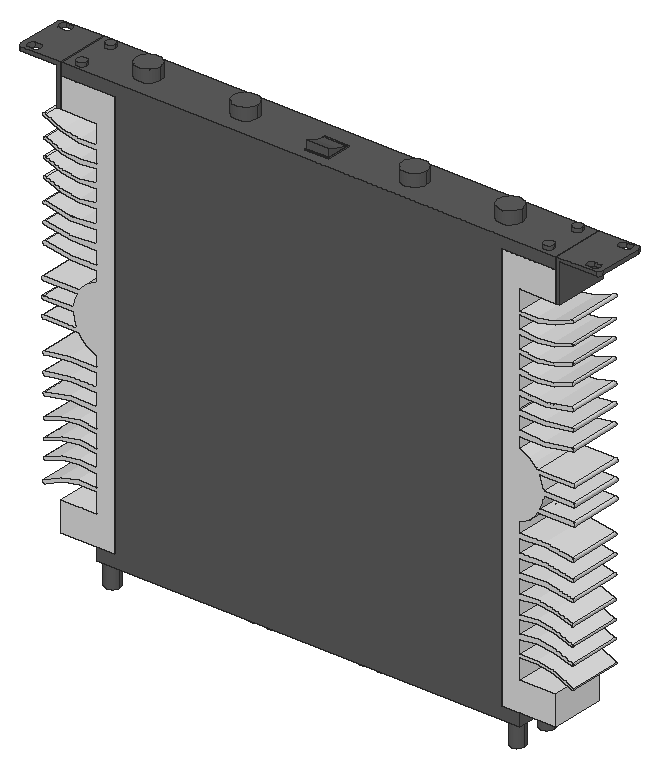
Revit family "Electronics_Commercial-Audio_Biamp_Amplifier_CHAMP-4", category Communication Devices, host Face, Revit 2020
Family settings
  Host = Face
  Maintain Annotation Orientation = No
  Round Connector Dimension = Use Diameter
  Part Type = Normal
  OmniClass Number = 23.85.10.11.14.14.17
  OmniClass Title = Sound Amplifiers
  Cut with Voids When Loaded = No
  Shared = No
  Room Calculation Point = No
Parameters (values of type "CHAMP-4")
  Width = 483 mm  # constant formula
  Weight = 9.00 kgf  # constant formula
  Voltage = 240 V
  Version = 1
  URL = "https://www.biamp.com/"
  Temperature Range = "90°C/ch + transformer 105°C"  # constant formula
  Product data url = "https://bimobject.com/biamp/product/champ-4_commercial-audio-power-amplifier"
  Product Page URL = "https://www.biamp.com/products/product-families/commercial-audio/power-amplifiers#champ-4"
  Product Documentation Link = "https://downloads.biamp.com/assets/docs/default-source/data-sheets/biamp_data_sheet_champ-4_aug20.pdf"
  Power Factor = 1
  Number of Poles = 1
  Model = "CHAMP-4"  # constant formula
  Max Power Consumption = 400 W
  Manufacturer = "Biamp"  # constant formula
  Housing Material = Biamp - Metal - Black
  Height = 44 mm  # constant formula
  Description = "CHAMP-4 Convection Cooled 4-Channel Power Amplifier"  # constant formula
  Depth = 360 mm  # constant formula
  Default Elevation = 1219.2 mm
  Date Updated = ""
  Date Created = "2023/08/21"
  Connector Description = "Power supply"  # constant formula
  Apparent Load = Max Power Consumption / Power Factor  # 400 VA
Reference planes
  plane 1 "Center (Front/Back)": y = 0
  plane 2: z = 0
  plane 3 "Center (Left/Right)": x = 0
  plane 4: y = 6.312
  plane 5: x = -232.1
Dimensions and locks
  locked: plane 4 to plane 1 "Center (Front/Back)" at 6.312
  locked: plane 5 to plane 3 "Center (Left/Right)" at 232.1
  aligned and locked: plane 2 to host face
  aligned and locked: level to host face
  aligned and locked: plane 5 to nested 1
Nested families
  nested 1: "champ-4" at (-0.004, 0, -176.952) x (1, 0, 0) z (0, 1, 0), type "champ-4"
    with Housing Material Biamp - Metal - Black
Connectors
  electrical at (-124.574, 12.826, -362.557)
    settings: on nested 1, index 18, voltage 0 V, apparent load 0 VA, apparent load phase1 0 VA, apparent load phase2 0 VA, apparent load phase3 0 VA, power factor 1, load classification "Other", number of poles 1, system type 5, power factor state 1, is connector primary yes, connector utility no, sub classification motor no, connector description "Channel 2 unbalanced input"
  electrical at (-139.574, 12.826, -362.557)
    settings: on nested 1, index 19, voltage 0 V, apparent load 0 VA, apparent load phase1 0 VA, apparent load phase2 0 VA, apparent load phase3 0 VA, power factor 1, load classification "Other", number of poles 1, system type 5, power factor state 1, is connector primary no, connector utility no, sub classification motor no, connector description "Channel 1 unbalanced input"
  electrical at (-139.574, 27.826, -362.557)
    settings: on nested 1, index 20, voltage 0 V, apparent load 0 VA, apparent load phase1 0 VA, apparent load phase2 0 VA, apparent load phase3 0 VA, power factor 1, load classification "Other", number of poles 1, system type 5, power factor state 1, is connector primary no, connector utility no, sub classification motor no, connector description "Channel 1 unbalanced input"
  electrical at (-124.574, 27.826, -362.557)
    settings: on nested 1, index 21, voltage 0 V, apparent load 0 VA, apparent load phase1 0 VA, apparent load phase2 0 VA, apparent load phase3 0 VA, power factor 1, load classification "Other", number of poles 1, system type 5, power factor state 1, is connector primary no, connector utility no, sub classification motor no, connector description "Channel 2 unbalanced input"
  electrical at (-53.324, 12.826, -362.557)
    settings: on nested 1, index 22, voltage 0 V, apparent load 0 VA, apparent load phase1 0 VA, apparent load phase2 0 VA, apparent load phase3 0 VA, power factor 1, load classification "Other", number of poles 1, system type 5, power factor state 1, is connector primary no, connector utility no, sub classification motor no, connector description "Channel 1-"
  electrical at (-38.324, 12.826, -362.557)
    settings: on nested 1, index 23, voltage 0 V, apparent load 0 VA, apparent load phase1 0 VA, apparent load phase2 0 VA, apparent load phase3 0 VA, power factor 1, load classification "Other", number of poles 1, system type 5, power factor state 1, is connector primary no, connector utility no, sub classification motor no, connector description "Channel 2-"
  electrical at (-38.324, 27.826, -362.557)
    settings: on nested 1, index 24, voltage 0 V, apparent load 0 VA, apparent load phase1 0 VA, apparent load phase2 0 VA, apparent load phase3 0 VA, power factor 1, load classification "Other", number of poles 1, system type 5, power factor state 1, is connector primary no, connector utility no, sub classification motor no, connector description "Channel 2+"
  electrical at (-53.324, 27.826, -362.557)
    settings: on nested 1, index 25, voltage 0 V, apparent load 0 VA, apparent load phase1 0 VA, apparent load phase2 0 VA, apparent load phase3 0 VA, power factor 1, load classification "Other", number of poles 1, system type 5, power factor state 1, is connector primary no, connector utility no, sub classification motor no, connector description "Channel 1+"
  electrical at (-0.158, 23.755, -347.344), driven by "Number of Poles", driven by "Voltage", driven by "Apparent Load", driven by "Power Factor", driven by "Connector Description"
    settings: on nested 1, index 26, voltage 240 V, apparent load 0 VA, apparent load phase1 400 VA, apparent load phase2 0 VA, apparent load phase3 0 VA, power factor 1, load classification "Power", number of poles 1, system type 31, power factor state 1, is connector primary no, connector utility no, sub classification motor no, connector description "Power supply"
  electrical at (38.316, 12.826, -362.557)
    settings: on nested 1, index 27, voltage 0 V, apparent load 0 VA, apparent load phase1 0 VA, apparent load phase2 0 VA, apparent load phase3 0 VA, power factor 1, load classification "Other", number of poles 1, system type 5, power factor state 1, is connector primary no, connector utility no, sub classification motor no, connector description "Channel 3-"
  electrical at (38.316, 27.826, -362.557)
    settings: on nested 1, index 28, voltage 0 V, apparent load 0 VA, apparent load phase1 0 VA, apparent load phase2 0 VA, apparent load phase3 0 VA, power factor 1, load classification "Other", number of poles 1, system type 5, power factor state 1, is connector primary no, connector utility no, sub classification motor no, connector description "Channel 3+"
  electrical at (53.316, 12.826, -362.557)
    settings: on nested 1, index 29, voltage 0 V, apparent load 0 VA, apparent load phase1 0 VA, apparent load phase2 0 VA, apparent load phase3 0 VA, power factor 1, load classification "Other", number of poles 1, system type 5, power factor state 1, is connector primary no, connector utility no, sub classification motor no, connector description "Output 4-"
  electrical at (53.316, 27.826, -362.557)
    settings: on nested 1, index 30, voltage 0 V, apparent load 0 VA, apparent load phase1 0 VA, apparent load phase2 0 VA, apparent load phase3 0 VA, power factor 1, load classification "Other", number of poles 1, system type 5, power factor state 1, is connector primary no, connector utility no, sub classification motor no, connector description "Output 4+"
  electrical at (124.566, 12.826, -362.557)
    settings: on nested 1, index 31, voltage 0 V, apparent load 0 VA, apparent load phase1 0 VA, apparent load phase2 0 VA, apparent load phase3 0 VA, power factor 1, load classification "Other", number of poles 1, system type 5, power factor state 1, is connector primary no, connector utility no, sub classification motor no, connector description "Channel 3 unbalanced input"
  electrical at (139.566, 12.826, -362.557)
    settings: on nested 1, index 32, voltage 0 V, apparent load 0 VA, apparent load phase1 0 VA, apparent load phase2 0 VA, apparent load phase3 0 VA, power factor 1, load classification "Other", number of poles 1, system type 5, power factor state 1, is connector primary no, connector utility no, sub classification motor no, connector description "Channel 4 unbalanced input"
  electrical at (124.566, 27.826, -362.557)
    settings: on nested 1, index 33, voltage 0 V, apparent load 0 VA, apparent load phase1 0 VA, apparent load phase2 0 VA, apparent load phase3 0 VA, power factor 1, load classification "Other", number of poles 1, system type 5, power factor state 1, is connector primary no, connector utility no, sub classification motor no, connector description "Channel 3 unbalanced input"
  electrical at (139.566, 27.826, -362.557)
    settings: on nested 1, index 34, voltage 0 V, apparent load 0 VA, apparent load phase1 0 VA, apparent load phase2 0 VA, apparent load phase3 0 VA, power factor 1, load classification "Other", number of poles 1, system type 5, power factor state 1, is connector primary no, connector utility no, sub classification motor no, connector description "Channel 4 unbalanced input"
Definition of nested family "champ-4"
  Parameters (values of type "champ-4")
    Housing Material [instance] = none
    Default Elevation = 1219.2 mm
  Reference planes
    plane 1 "Center (Front/Back)": y = 0
    plane 2: z = 0
    plane 3 "Center (Left/Right)": x = 0
    plane 4: x = -232.096
    plane 5: z = 6.151
  Forms (mm)
    Extrusion 1, solid
      sketch origin (0, 0, 0) x (1, 0, 0) y (0, 1, 0)
        loop
          line (-1219.2, 1219.2) -> (-1219.2, -1219.2) -> (1219.2, -1219.2) -> (1219.2, 1219.2) -> (-1219.2, 1219.2)
      from 0 to -304.8
    Extrusion 2, solid, material <- "Housing Material", detail levels coarse
      sketch origin (0, 0, 0) x (1, 0, 0) y (0, 1, 0)
        loop
          line (-205.5, 180) -> (-205.5, -180) -> (205.5, -180) -> (205.5, 180) -> (-205.5, 180)
      from 0 to 44
    Extrusion 3, solid, material <- "Housing Material", detail levels medium+fine
      sketch origin (-222.374, 0, -18.899) x (1, 0, 0) y (0, 0, 1)
        loop
          circle (71.924, 40.899) r 10
        loop
          circle (152.549, 40.899) r 10
        loop
          circle (292.824, 40.899) r 10
        loop
          circle (372.199, 40.899) r 10
      from 180 to 190
    Extrusion 4, solid, material <- "Housing Material", detail levels medium+fine
      sketch origin (-59.584, -55.54, 101.966) x (0, 0, 1) y (1, 0, 0)
        loop
          line (-72.651, 69.584) -> (-93.535, 69.584) -> (-93.535, 49.584) -> (-72.651, 49.584) -> (-72.651, 69.584)
      from -125.206 to -124.46
    Extrusion 5, solid, material <- "Housing Material", detail levels medium+fine
      sketch origin (10, -55.54, 29.116) x (0, 0, -1) y (0, 1, 0)
        loop
          arc (0.69, -125.206) -> (10.428, -127.743) -> (19.74, -131.556) r 75.238
          line (19.74, -131.556) -> (19.74, -125.206) -> (0.69, -125.206)
      from -18.927 to -0.958
    Extrusion 6, solid, material <- "Housing Material", detail levels medium+fine
      sketch origin (111.717, 55.54, -61.852) x (1, 0, 0) y (0, 0, 1)
        loop
          circle (27.853, 74.678) r 5
        loop
          circle (27.853, 89.678) r 5
        loop
          circle (12.853, 89.678) r 5
        loop
          circle (12.853, 74.678) r 5
        loop
          circle (-251.287, 74.678) r 5
        loop
          circle (-251.287, 89.678) r 5
        loop
          circle (-236.287, 89.678) r 5
        loop
          circle (-236.287, 74.678) r 5
      from -130.065 to -124.46
    Extrusion 7, void
      sketch origin (-83.284, 55.54, 54.726) x (-1, 0, 0) y (0, 0, -1)
        loop
          line (-75.573, 21.947) -> (-70.74, 26.78) -> (-70.74, 36.312)
          arc (-70.74, 36.312) -> (-71.238, 37.871) -> (-72.549, 38.851) r 2.685
          line (-72.549, 38.851) -> (-93.71, 38.851)
          arc (-93.71, 38.851) -> (-95.021, 37.871) -> (-95.519, 36.312) r 2.685
          line (-95.519, 36.312) -> (-95.519, 26.772) -> (-90.695, 21.947) -> (-75.573, 21.947)
      from -124.46 to -114.852
    Extrusion 8, solid, material <- "Housing Material", detail levels medium+fine
      sketch origin (-28.283, 55.54, -61.852) x (1, 0, 0) y (0, 0, 1)
        loop
          circle (81.603, 74.678) r 6
        loop
          circle (66.603, 74.678) r 6
        loop
          circle (-25.037, 74.678) r 6
        loop
          circle (-10.037, 74.678) r 6
      from -130.065 to -124.46
    Extrusion 9, solid, material <- "Housing Material", detail levels medium+fine
      sketch origin (79.656, 55.54, 16.245) x (1, 0, 0) y (0, 0, 1)
        loop
          line (12.092, 13.988) -> (12.092, 18.013) -> (2.092, 18.013) -> (2.092, 13.988) -> (12.092, 13.988)
        loop
          line (30.516, -5.547) -> (30.516, -1.523) -> (20.516, -1.523) -> (20.516, -5.547) -> (30.516, -5.547)
        loop
          circle (-9.484, -3.535) r 2.866
        loop
          line (-189.828, -5.547) -> (-179.828, -5.547) -> (-179.828, -1.523) -> (-189.828, -1.523) -> (-189.828, -5.547)
        loop
          line (-159.828, -5.547) -> (-149.828, -5.547) -> (-149.828, -1.523) -> (-159.828, -1.523) -> (-159.828, -5.547)
      from -125.768 to -124.46
    Extrusion 10, solid, detail levels medium+fine
      sketch origin (0, 0, 0) x (1, 0, 0) y (0, 1, 0)
        loop
          line (-160.5, -170) -> (-160.5, 170) -> (-205.5, 170) -> (-205.5, 145) -> (-175.5, 145) -> (-175.5, 129.166)
          spline (-175.5, 129.166) -> (-179.044, 128.697) -> (-182.585, 128.439) -> (-186.123, 128.39) -> (-189.657, 128.551) -> (-193.189, 128.922) -> (-196.717, 129.503) -> (-200.242, 130.293) -> (-203.763, 131.293) -> (-207.282, 132.503) -> (-210.797, 133.923) -> (-214.309, 135.552) -> (-217.818, 137.391)
          arc (-217.818, 137.391) -> (-219.543, 137.548) -> (-220.316, 135.997) r 1.535
          spline (-220.316, 135.997) -> (-216.643, 133.905) -> (-212.959, 132.037) -> (-209.264, 130.393) -> (-205.557, 128.972) -> (-201.839, 127.774) -> (-198.11, 126.8) -> (-194.37, 126.05) -> (-190.618, 125.523) -> (-186.856, 125.219) -> (-183.082, 125.139) -> (-179.296, 125.283) -> (-175.5, 125.651)
          line (-175.5, 125.651) -> (-175.5, 115.327)
          spline (-175.5, 115.327) -> (-178.981, 114.553) -> (-182.477, 113.989) -> (-185.988, 113.633) -> (-189.515, 113.485) -> (-193.056, 113.547) -> (-196.612, 113.817) -> (-200.183, 114.296) -> (-203.77, 114.984) -> (-207.371, 115.88) -> (-210.988, 116.985) -> (-214.619, 118.299) -> (-218.266, 119.821)
          arc (-218.266, 119.821) -> (-219.644, 119.359) -> (-219.065, 118.026) r 0.986
          spline (-219.065, 118.026) -> (-215.412, 116.27) -> (-211.762, 114.73) -> (-208.117, 113.404) -> (-204.476, 112.292) -> (-200.839, 111.395) -> (-197.207, 110.713) -> (-193.579, 110.245) -> (-189.954, 109.992) -> (-186.335, 109.954) -> (-182.719, 110.13) -> (-179.107, 110.52) -> (-175.5, 111.126)
          line (-175.5, 111.126) -> (-175.5, 100.952)
          spline (-175.5, 100.952) -> (-178.981, 100.178) -> (-182.477, 99.614) -> (-185.988, 99.258) -> (-189.515, 99.11) -> (-193.056, 99.172) -> (-196.612, 99.442) -> (-200.183, 99.921) -> (-203.77, 100.609) -> (-207.371, 101.505) -> (-210.988, 102.61) -> (-214.619, 103.924) -> (-218.266, 105.446)
          arc (-218.266, 105.446) -> (-219.644, 104.984) -> (-219.065, 103.651) r 0.986
          spline (-219.065, 103.651) -> (-215.412, 101.895) -> (-211.762, 100.355) -> (-208.117, 99.029) -> (-204.476, 97.917) -> (-200.839, 97.02) -> (-197.207, 96.338) -> (-193.579, 95.87) -> (-189.954, 95.617) -> (-186.335, 95.579) -> (-182.719, 95.755) -> (-179.107, 96.145) -> (-175.5, 96.751)
          line (-175.5, 96.751) -> (-175.5, 85.952)
          spline (-175.5, 85.952) -> (-178.981, 85.178) -> (-182.477, 84.614) -> (-185.988, 84.258) -> (-189.515, 84.11) -> (-193.056, 84.172) -> (-196.612, 84.442) -> (-200.183, 84.921) -> (-203.77, 85.609) -> (-207.371, 86.505) -> (-210.988, 87.61) -> (-214.619, 88.924) -> (-218.266, 90.446)
          arc (-218.266, 90.446) -> (-219.644, 89.984) -> (-219.065, 88.651) r 0.986
          spline (-219.065, 88.651) -> (-215.412, 86.895) -> (-211.762, 85.355) -> (-208.117, 84.029) -> (-204.476, 82.917) -> (-200.839, 82.02) -> (-197.207, 81.338) -> (-193.579, 80.87) -> (-189.954, 80.617) -> (-186.335, 80.579) -> (-182.719, 80.755) -> (-179.107, 81.145) -> (-175.5, 81.751)
          line (-175.5, 81.751) -> (-175.5, 70.161)
          spline (-175.5, 70.161) -> (-178.885, 69.535) -> (-182.304, 69.056) -> (-185.759, 68.726) -> (-189.248, 68.543) -> (-192.772, 68.509) -> (-196.331, 68.622) -> (-199.925, 68.884) -> (-203.554, 69.293) -> (-207.217, 69.85) -> (-210.916, 70.556) -> (-214.649, 71.409) -> (-218.417, 72.41)
          arc (-218.417, 72.41) -> (-220.172, 71.366) -> (-219.301, 69.519) r 1.519
          spline (-219.301, 69.519) -> (-215.593, 68.452) -> (-211.894, 67.521) -> (-208.207, 66.725) -> (-204.53, 66.066) -> (-200.864, 65.542) -> (-197.209, 65.155) -> (-193.564, 64.904) -> (-189.93, 64.788) -> (-186.307, 64.809) -> (-182.694, 64.966) -> (-179.092, 65.259) -> (-175.5, 65.687)
          line (-175.5, 65.687) -> (-175.5, 56.25) -> (-175.5, 55.161)
          spline (-175.5, 55.161) -> (-178.905, 54.724) -> (-182.341, 54.4) -> (-185.808, 54.19) -> (-189.306, 54.093) -> (-192.836, 54.111) -> (-196.397, 54.241) -> (-199.989, 54.485) -> (-203.612, 54.843) -> (-207.266, 55.315) -> (-210.952, 55.9) -> (-214.669, 56.598) -> (-218.417, 57.41)
          arc (-218.417, 57.41) -> (-220.172, 56.366) -> (-219.301, 54.519) r 1.519
          spline (-219.301, 54.519) -> (-215.551, 53.634) -> (-211.818, 52.851) -> (-208.104, 52.171) -> (-204.409, 51.594) -> (-200.731, 51.12) -> (-197.072, 50.749) -> (-193.431, 50.481) -> (-189.808, 50.317) -> (-186.204, 50.255) -> (-182.618, 50.296) -> (-179.05, 50.44) -> (-175.5, 50.687)
          line (-175.5, 50.687) -> (-175.5, 40.161)
          spline (-175.5, 40.161) -> (-178.905, 39.724) -> (-182.341, 39.4) -> (-185.808, 39.19) -> (-189.306, 39.093) -> (-192.836, 39.111) -> (-196.397, 39.241) -> (-199.989, 39.485) -> (-203.612, 39.843) -> (-207.266, 40.315) -> (-210.952, 40.9) -> (-214.669, 41.598) -> (-218.417, 42.41)
          arc (-218.417, 42.41) -> (-220.172, 41.366) -> (-219.301, 39.519) r 1.519
          spline (-219.301, 39.519) -> (-215.551, 38.634) -> (-211.818, 37.851) -> (-208.104, 37.171) -> (-204.409, 36.594) -> (-200.731, 36.12) -> (-197.072, 35.749) -> (-193.431, 35.481) -> (-189.808, 35.317) -> (-186.204, 35.255) -> (-182.618, 35.296) -> (-179.05, 35.44) -> (-175.5, 35.687)
          line (-175.5, 35.687) -> (-175.5, 27.829)
          arc (-175.5, 27.829) -> (-183.903, 23.125) -> (-190.321, 15.944) r 29.22
          line (-190.321, 15.944) -> (-219.696, 15.944)
          arc (-219.696, 15.944) -> (-221.32, 14.319) -> (-219.696, 12.695) r 1.624
          line (-219.696, 12.695) -> (-192.097, 12.695)
          arc (-192.097, 12.695) -> (-194.001, 7.293) -> (-194.814, 1.624) r 29.22
          line (-194.814, 1.624) -> (-219.696, 1.624)
          arc (-219.696, 1.624) -> (-221.32, 0) -> (-219.696, -1.624) r 1.624
          line (-219.696, -1.624) -> (-194.778, -1.624)
          arc (-194.778, -1.624) -> (-193.827, -7.308) -> (-191.78, -12.695) r 29.22
          line (-191.78, -12.695) -> (-219.696, -12.695)
          arc (-219.696, -12.695) -> (-221.32, -14.319) -> (-219.696, -15.944) r 1.624
          line (-219.696, -15.944) -> (-189.892, -15.944)
          arc (-189.892, -15.944) -> (-183.595, -22.71) -> (-175.5, -27.171) r 29.22
          line (-175.5, -27.171) -> (-175.5, -35.687)
          spline (-175.5, -35.687) -> (-179.05, -35.44) -> (-182.618, -35.296) -> (-186.204, -35.255) -> (-189.808, -35.317) -> (-193.431, -35.481) -> (-197.072, -35.749) -> (-200.731, -36.12) -> (-204.409, -36.594) -> (-208.104, -37.171) -> (-211.818, -37.851) -> (-215.551, -38.634) -> (-219.301, -39.519)
          arc (-219.301, -39.519) -> (-220.172, -41.366) -> (-218.417, -42.41) r 1.519
          spline (-218.417, -42.41) -> (-214.669, -41.598) -> (-210.952, -40.9) -> (-207.266, -40.315) -> (-203.612, -39.843) -> (-199.989, -39.485) -> (-196.397, -39.241) -> (-192.836, -39.111) -> (-189.306, -39.093) -> (-185.808, -39.19) -> (-182.341, -39.4) -> (-178.905, -39.724) -> (-175.5, -40.161)
          line (-175.5, -40.161) -> (-175.5, -50.687)
          spline (-175.5, -50.687) -> (-179.05, -50.44) -> (-182.618, -50.296) -> (-186.204, -50.255) -> (-189.808, -50.317) -> (-193.431, -50.481) -> (-197.072, -50.749) -> (-200.731, -51.12) -> (-204.409, -51.594) -> (-208.104, -52.171) -> (-211.818, -52.851) -> (-215.551, -53.634) -> (-219.301, -54.519)
          arc (-219.301, -54.519) -> (-220.172, -56.366) -> (-218.417, -57.41) r 1.519
          spline (-218.417, -57.41) -> (-214.669, -56.598) -> (-210.952, -55.9) -> (-207.266, -55.315) -> (-203.612, -54.843) -> (-199.989, -54.485) -> (-196.397, -54.241) -> (-192.836, -54.111) -> (-189.306, -54.093) -> (-185.808, -54.19) -> (-182.341, -54.4) -> (-178.905, -54.724) -> (-175.5, -55.161)
          line (-175.5, -55.161) -> (-175.5, -56.25) -> (-175.5, -65.687)
          spline (-175.5, -65.687) -> (-179.092, -65.259) -> (-182.694, -64.966) -> (-186.307, -64.809) -> (-189.93, -64.788) -> (-193.564, -64.904) -> (-197.209, -65.155) -> (-200.864, -65.542) -> (-204.53, -66.066) -> (-208.207, -66.725) -> (-211.894, -67.521) -> (-215.593, -68.452) -> (-219.301, -69.519)
          arc (-219.301, -69.519) -> (-220.172, -71.366) -> (-218.417, -72.41) r 1.519
          spline (-218.417, -72.41) -> (-214.649, -71.409) -> (-210.916, -70.556) -> (-207.217, -69.85) -> (-203.554, -69.293) -> (-199.925, -68.884) -> (-196.331, -68.622) -> (-192.772, -68.509) -> (-189.248, -68.543) -> (-185.759, -68.726) -> (-182.304, -69.056) -> (-178.885, -69.535) -> (-175.5, -70.161)
          line (-175.5, -70.161) -> (-175.5, -81.751)
          spline (-175.5, -81.751) -> (-179.107, -81.145) -> (-182.719, -80.755) -> (-186.335, -80.579) -> (-189.954, -80.617) -> (-193.579, -80.87) -> (-197.207, -81.338) -> (-200.839, -82.02) -> (-204.476, -82.917) -> (-208.117, -84.029) -> (-211.762, -85.355) -> (-215.412, -86.895) -> (-219.065, -88.651)
          arc (-219.065, -88.651) -> (-219.644, -89.984) -> (-218.266, -90.446) r 0.986
          spline (-218.266, -90.446) -> (-214.619, -88.924) -> (-210.988, -87.61) -> (-207.371, -86.505) -> (-203.77, -85.609) -> (-200.183, -84.921) -> (-196.612, -84.442) -> (-193.056, -84.172) -> (-189.515, -84.11) -> (-185.988, -84.258) -> (-182.477, -84.614) -> (-178.981, -85.178) -> (-175.5, -85.952)
          line (-175.5, -85.952) -> (-175.5, -96.751)
          spline (-175.5, -96.751) -> (-179.107, -96.145) -> (-182.719, -95.755) -> (-186.335, -95.579) -> (-189.954, -95.617) -> (-193.579, -95.87) -> (-197.207, -96.338) -> (-200.839, -97.02) -> (-204.476, -97.917) -> (-208.117, -99.029) -> (-211.762, -100.355) -> (-215.412, -101.895) -> (-219.065, -103.651)
          arc (-219.065, -103.651) -> (-219.644, -104.984) -> (-218.266, -105.446) r 0.986
          spline (-218.266, -105.446) -> (-214.619, -103.924) -> (-210.988, -102.61) -> (-207.371, -101.505) -> (-203.77, -100.609) -> (-200.183, -99.921) -> (-196.612, -99.442) -> (-193.056, -99.172) -> (-189.515, -99.11) -> (-185.988, -99.258) -> (-182.477, -99.614) -> (-178.981, -100.178) -> (-175.5, -100.952)
          line (-175.5, -100.952) -> (-175.5, -111.126)
          spline (-175.5, -111.126) -> (-179.107, -110.52) -> (-182.719, -110.13) -> (-186.335, -109.954) -> (-189.954, -109.992) -> (-193.579, -110.245) -> (-197.207, -110.713) -> (-200.839, -111.395) -> (-204.476, -112.292) -> (-208.117, -113.404) -> (-211.762, -114.73) -> (-215.412, -116.27) -> (-219.065, -118.026)
          arc (-219.065, -118.026) -> (-219.644, -119.359) -> (-218.266, -119.821) r 0.986
          spline (-218.266, -119.821) -> (-214.619, -118.299) -> (-210.988, -116.985) -> (-207.371, -115.88) -> (-203.77, -114.984) -> (-200.183, -114.296) -> (-196.612, -113.817) -> (-193.056, -113.547) -> (-189.515, -113.485) -> (-185.988, -113.633) -> (-182.477, -113.989) -> (-178.981, -114.553) -> (-175.5, -115.327)
          line (-175.5, -115.327) -> (-175.5, -125.651)
          spline (-175.5, -125.651) -> (-179.296, -125.283) -> (-183.082, -125.139) -> (-186.856, -125.219) -> (-190.618, -125.523) -> (-194.37, -126.05) -> (-198.11, -126.8) -> (-201.839, -127.774) -> (-205.557, -128.972) -> (-209.264, -130.393) -> (-212.959, -132.037) -> (-216.643, -133.905) -> (-220.316, -135.997)
          arc (-220.316, -135.997) -> (-219.543, -137.548) -> (-217.818, -137.391) r 1.535
          spline (-217.818, -137.391) -> (-214.309, -135.552) -> (-210.797, -133.923) -> (-207.282, -132.503) -> (-203.763, -131.293) -> (-200.242, -130.293) -> (-196.717, -129.503) -> (-193.189, -128.922) -> (-189.657, -128.551) -> (-186.123, -128.39) -> (-182.585, -128.439) -> (-179.044, -128.697) -> (-175.5, -129.166)
          line (-175.5, -129.166) -> (-175.5, -145) -> (-205.5, -145) -> (-205.5, -170) -> (-160.5, -170)
        loop
          line (160.5, -170) -> (205.5, -170) -> (205.5, -145) -> (175.5, -145) -> (175.5, -129.166)
          spline (175.5, -129.166) -> (179.044, -128.697) -> (182.585, -128.439) -> (186.123, -128.39) -> (189.657, -128.551) -> (193.189, -128.922) -> (196.717, -129.503) -> (200.242, -130.293) -> (203.763, -131.293) -> (207.282, -132.503) -> (210.797, -133.923) -> (214.309, -135.552) -> (217.818, -137.391)
          arc (217.818, -137.391) -> (219.543, -137.548) -> (220.316, -135.997) r 1.535
          spline (220.316, -135.997) -> (216.643, -133.905) -> (212.959, -132.037) -> (209.264, -130.393) -> (205.557, -128.972) -> (201.839, -127.774) -> (198.11, -126.8) -> (194.37, -126.05) -> (190.618, -125.523) -> (186.856, -125.219) -> (183.082, -125.139) -> (179.296, -125.283) -> (175.5, -125.651)
          line (175.5, -125.651) -> (175.5, -115.327)
          spline (175.5, -115.327) -> (178.981, -114.553) -> (182.477, -113.989) -> (185.988, -113.633) -> (189.515, -113.485) -> (193.056, -113.547) -> (196.612, -113.817) -> (200.183, -114.296) -> (203.77, -114.984) -> (207.371, -115.88) -> (210.988, -116.985) -> (214.619, -118.299) -> (218.266, -119.821)
          arc (218.266, -119.821) -> (219.644, -119.359) -> (219.065, -118.026) r 0.986
          spline (219.065, -118.026) -> (215.412, -116.27) -> (211.762, -114.73) -> (208.117, -113.404) -> (204.476, -112.292) -> (200.839, -111.395) -> (197.207, -110.713) -> (193.579, -110.245) -> (189.954, -109.992) -> (186.335, -109.954) -> (182.719, -110.13) -> (179.107, -110.52) -> (175.5, -111.126)
          line (175.5, -111.126) -> (175.5, -100.952)
          spline (175.5, -100.952) -> (178.981, -100.178) -> (182.477, -99.614) -> (185.988, -99.258) -> (189.515, -99.11) -> (193.056, -99.172) -> (196.612, -99.442) -> (200.183, -99.921) -> (203.77, -100.609) -> (207.371, -101.505) -> (210.988, -102.61) -> (214.619, -103.924) -> (218.266, -105.446)
          arc (218.266, -105.446) -> (219.644, -104.984) -> (219.065, -103.651) r 0.986
          spline (219.065, -103.651) -> (215.412, -101.895) -> (211.762, -100.355) -> (208.117, -99.029) -> (204.476, -97.917) -> (200.839, -97.02) -> (197.207, -96.338) -> (193.579, -95.87) -> (189.954, -95.617) -> (186.335, -95.579) -> (182.719, -95.755) -> (179.107, -96.145) -> (175.5, -96.751)
          line (175.5, -96.751) -> (175.5, -85.952)
          spline (175.5, -85.952) -> (178.981, -85.178) -> (182.477, -84.614) -> (185.988, -84.258) -> (189.515, -84.11) -> (193.056, -84.172) -> (196.612, -84.442) -> (200.183, -84.921) -> (203.77, -85.609) -> (207.371, -86.505) -> (210.988, -87.61) -> (214.619, -88.924) -> (218.266, -90.446)
          arc (218.266, -90.446) -> (219.644, -89.984) -> (219.065, -88.651) r 0.986
          spline (219.065, -88.651) -> (215.412, -86.895) -> (211.762, -85.355) -> (208.117, -84.029) -> (204.476, -82.917) -> (200.839, -82.02) -> (197.207, -81.338) -> (193.579, -80.87) -> (189.954, -80.617) -> (186.335, -80.579) -> (182.719, -80.755) -> (179.107, -81.145) -> (175.5, -81.751)
          line (175.5, -81.751) -> (175.5, -70.161)
          spline (175.5, -70.161) -> (178.885, -69.535) -> (182.304, -69.056) -> (185.759, -68.726) -> (189.248, -68.543) -> (192.772, -68.509) -> (196.331, -68.622) -> (199.925, -68.884) -> (203.554, -69.293) -> (207.217, -69.85) -> (210.916, -70.556) -> (214.649, -71.409) -> (218.417, -72.41)
          arc (218.417, -72.41) -> (220.172, -71.366) -> (219.301, -69.519) r 1.519
          spline (219.301, -69.519) -> (215.593, -68.452) -> (211.894, -67.521) -> (208.207, -66.725) -> (204.53, -66.066) -> (200.864, -65.542) -> (197.209, -65.155) -> (193.564, -64.904) -> (189.93, -64.788) -> (186.307, -64.809) -> (182.694, -64.966) -> (179.092, -65.259) -> (175.5, -65.687)
          line (175.5, -65.687) -> (175.5, -56.25) -> (175.5, -55.161)
          spline (175.5, -55.161) -> (178.905, -54.724) -> (182.341, -54.4) -> (185.808, -54.19) -> (189.306, -54.093) -> (192.836, -54.111) -> (196.397, -54.241) -> (199.989, -54.485) -> (203.612, -54.843) -> (207.266, -55.315) -> (210.952, -55.9) -> (214.669, -56.598) -> (218.417, -57.41)
          arc (218.417, -57.41) -> (220.172, -56.366) -> (219.301, -54.519) r 1.519
          spline (219.301, -54.519) -> (215.551, -53.634) -> (211.818, -52.851) -> (208.104, -52.171) -> (204.409, -51.594) -> (200.731, -51.12) -> (197.072, -50.749) -> (193.431, -50.481) -> (189.808, -50.317) -> (186.204, -50.255) -> (182.618, -50.296) -> (179.05, -50.44) -> (175.5, -50.687)
          line (175.5, -50.687) -> (175.5, -40.161)
          spline (175.5, -40.161) -> (178.905, -39.724) -> (182.341, -39.4) -> (185.808, -39.19) -> (189.306, -39.093) -> (192.836, -39.111) -> (196.397, -39.241) -> (199.989, -39.485) -> (203.612, -39.843) -> (207.266, -40.315) -> (210.952, -40.9) -> (214.669, -41.598) -> (218.417, -42.41)
          arc (218.417, -42.41) -> (220.172, -41.366) -> (219.301, -39.519) r 1.519
          spline (219.301, -39.519) -> (215.551, -38.634) -> (211.818, -37.851) -> (208.104, -37.171) -> (204.409, -36.594) -> (200.731, -36.12) -> (197.072, -35.749) -> (193.431, -35.481) -> (189.808, -35.317) -> (186.204, -35.255) -> (182.618, -35.296) -> (179.05, -35.44) -> (175.5, -35.687)
          line (175.5, -35.687) -> (175.5, -27.171)
          arc (175.5, -27.171) -> (183.595, -22.71) -> (189.892, -15.944) r 29.22
          line (189.892, -15.944) -> (219.696, -15.944)
          arc (219.696, -15.944) -> (221.32, -14.319) -> (219.696, -12.695) r 1.624
          line (219.696, -12.695) -> (191.78, -12.695)
          arc (191.78, -12.695) -> (193.827, -7.308) -> (194.778, -1.624) r 29.22
          line (194.778, -1.624) -> (219.696, -1.624)
          arc (219.696, -1.624) -> (221.32, 0) -> (219.696, 1.624) r 1.624
          line (219.696, 1.624) -> (194.814, 1.624)
          arc (194.814, 1.624) -> (194.001, 7.293) -> (192.097, 12.695) r 29.22
          line (192.097, 12.695) -> (219.696, 12.695)
          arc (219.696, 12.695) -> (221.32, 14.319) -> (219.696, 15.944) r 1.624
          line (219.696, 15.944) -> (190.321, 15.944)
          arc (190.321, 15.944) -> (183.903, 23.125) -> (175.5, 27.829) r 29.22
          line (175.5, 27.829) -> (175.5, 35.687)
          spline (175.5, 35.687) -> (179.05, 35.44) -> (182.618, 35.296) -> (186.204, 35.255) -> (189.808, 35.317) -> (193.431, 35.481) -> (197.072, 35.749) -> (200.731, 36.12) -> (204.409, 36.594) -> (208.104, 37.171) -> (211.818, 37.851) -> (215.551, 38.634) -> (219.301, 39.519)
          arc (219.301, 39.519) -> (220.172, 41.366) -> (218.417, 42.41) r 1.519
          spline (218.417, 42.41) -> (214.669, 41.598) -> (210.952, 40.9) -> (207.266, 40.315) -> (203.612, 39.843) -> (199.989, 39.485) -> (196.397, 39.241) -> (192.836, 39.111) -> (189.306, 39.093) -> (185.808, 39.19) -> (182.341, 39.4) -> (178.905, 39.724) -> (175.5, 40.161)
          line (175.5, 40.161) -> (175.5, 50.687)
          spline (175.5, 50.687) -> (179.05, 50.44) -> (182.618, 50.296) -> (186.204, 50.255) -> (189.808, 50.317) -> (193.431, 50.481) -> (197.072, 50.749) -> (200.731, 51.12) -> (204.409, 51.594) -> (208.104, 52.171) -> (211.818, 52.851) -> (215.551, 53.634) -> (219.301, 54.519)
          arc (219.301, 54.519) -> (220.172, 56.366) -> (218.417, 57.41) r 1.519
          spline (218.417, 57.41) -> (214.669, 56.598) -> (210.952, 55.9) -> (207.266, 55.315) -> (203.612, 54.843) -> (199.989, 54.485) -> (196.397, 54.241) -> (192.836, 54.111) -> (189.306, 54.093) -> (185.808, 54.19) -> (182.341, 54.4) -> (178.905, 54.724) -> (175.5, 55.161)
          line (175.5, 55.161) -> (175.5, 56.25) -> (175.5, 65.687)
          spline (175.5, 65.687) -> (179.092, 65.259) -> (182.694, 64.966) -> (186.307, 64.809) -> (189.93, 64.788) -> (193.564, 64.904) -> (197.209, 65.155) -> (200.864, 65.542) -> (204.53, 66.066) -> (208.207, 66.725) -> (211.894, 67.521) -> (215.593, 68.452) -> (219.301, 69.519)
          arc (219.301, 69.519) -> (220.172, 71.366) -> (218.417, 72.41) r 1.519
          spline (218.417, 72.41) -> (214.649, 71.409) -> (210.916, 70.556) -> (207.217, 69.85) -> (203.554, 69.293) -> (199.925, 68.884) -> (196.331, 68.622) -> (192.772, 68.509) -> (189.248, 68.543) -> (185.759, 68.726) -> (182.304, 69.056) -> (178.885, 69.535) -> (175.5, 70.161)
          line (175.5, 70.161) -> (175.5, 81.751)
          spline (175.5, 81.751) -> (179.107, 81.145) -> (182.719, 80.755) -> (186.335, 80.579) -> (189.954, 80.617) -> (193.579, 80.87) -> (197.207, 81.338) -> (200.839, 82.02) -> (204.476, 82.917) -> (208.117, 84.029) -> (211.762, 85.355) -> (215.412, 86.895) -> (219.065, 88.651)
          arc (219.065, 88.651) -> (219.644, 89.984) -> (218.266, 90.446) r 0.986
          spline (218.266, 90.446) -> (214.619, 88.924) -> (210.988, 87.61) -> (207.371, 86.505) -> (203.77, 85.609) -> (200.183, 84.921) -> (196.612, 84.442) -> (193.056, 84.172) -> (189.515, 84.11) -> (185.988, 84.258) -> (182.477, 84.614) -> (178.981, 85.178) -> (175.5, 85.952)
          line (175.5, 85.952) -> (175.5, 96.751)
          spline (175.5, 96.751) -> (179.107, 96.145) -> (182.719, 95.755) -> (186.335, 95.579) -> (189.954, 95.617) -> (193.579, 95.87) -> (197.207, 96.338) -> (200.839, 97.02) -> (204.476, 97.917) -> (208.117, 99.029) -> (211.762, 100.355) -> (215.412, 101.895) -> (219.065, 103.651)
          arc (219.065, 103.651) -> (219.644, 104.984) -> (218.266, 105.446) r 0.986
          spline (218.266, 105.446) -> (214.619, 103.924) -> (210.988, 102.61) -> (207.371, 101.505) -> (203.77, 100.609) -> (200.183, 99.921) -> (196.612, 99.442) -> (193.056, 99.172) -> (189.515, 99.11) -> (185.988, 99.258) -> (182.477, 99.614) -> (178.981, 100.178) -> (175.5, 100.952)
          line (175.5, 100.952) -> (175.5, 111.126)
          spline (175.5, 111.126) -> (179.107, 110.52) -> (182.719, 110.13) -> (186.335, 109.954) -> (189.954, 109.992) -> (193.579, 110.245) -> (197.207, 110.713) -> (200.839, 111.395) -> (204.476, 112.292) -> (208.117, 113.404) -> (211.762, 114.73) -> (215.412, 116.27) -> (219.065, 118.026)
          arc (219.065, 118.026) -> (219.644, 119.359) -> (218.266, 119.821) r 0.986
          spline (218.266, 119.821) -> (214.619, 118.299) -> (210.988, 116.985) -> (207.371, 115.88) -> (203.77, 114.984) -> (200.183, 114.296) -> (196.612, 113.817) -> (193.056, 113.547) -> (189.515, 113.485) -> (185.988, 113.633) -> (182.477, 113.989) -> (178.981, 114.553) -> (175.5, 115.327)
          line (175.5, 115.327) -> (175.5, 125.651)
          spline (175.5, 125.651) -> (179.296, 125.283) -> (183.082, 125.139) -> (186.856, 125.219) -> (190.618, 125.523) -> (194.37, 126.05) -> (198.11, 126.8) -> (201.839, 127.774) -> (205.557, 128.972) -> (209.264, 130.393) -> (212.959, 132.037) -> (216.643, 133.905) -> (220.316, 135.997)
          arc (220.316, 135.997) -> (219.543, 137.548) -> (217.818, 137.391) r 1.535
          spline (217.818, 137.391) -> (214.309, 135.552) -> (210.797, 133.923) -> (207.282, 132.503) -> (203.763, 131.293) -> (200.242, 130.293) -> (196.717, 129.503) -> (193.189, 128.922) -> (189.657, 128.551) -> (186.123, 128.39) -> (182.585, 128.439) -> (179.044, 128.697) -> (175.5, 129.166)
          line (175.5, 129.166) -> (175.5, 145) -> (205.5, 145) -> (205.5, 170) -> (160.5, 170) -> (160.5, -170)
      from 0 to 44
    Extrusion 11, solid, material <- "Housing Material", detail levels medium+fine
      sketch origin (0, 0, 0) x (1, 0, 0) y (0, 1, 0)
        loop
          line (-175.5, 180) -> (-175.5, 170) -> (-160.5, 170) -> (-160.5, -170) -> (-205.5, -170) -> (-205.5, -180) -> (205.5, -180) -> (205.5, -170) -> (160.5, -170) -> (160.5, 170) -> (175.5, 170) -> (175.5, 180) -> (-175.5, 180)
      from 0 to 44
    Extrusion 12, solid, material <- "Housing Material"
      sketch origin (0, 0, 0) x (1, 0, 0) y (0, 1, 0)
        loop
          line (-205.5, -180) -> (-205.5, -145) -> (-208.548, -145) -> (-208.548, -176.952) -> (-241.5, -176.952) -> (-241.5, -180) -> (-205.5, -180)
        loop
          line (205.5, -180) -> (241.5, -180) -> (241.5, -176.952) -> (208.548, -176.952) -> (208.548, -145) -> (205.5, -145) -> (205.5, -180)
      from 0 to 44
    Extrusion 13, void
      sketch origin (0, 0, 0) x (1, 0, 0) y (0, 0, 1)
        loop
          arc (-228.992, 34.836) -> (-226.694, 38.67) -> (-228.992, 42.504) r 4.347
          line (-228.992, 42.504) -> (-235.2, 42.504)
          arc (-235.2, 42.504) -> (-237.498, 38.67) -> (-235.2, 34.836) r 4.347
          line (-235.2, 34.836) -> (-228.992, 34.836)
        loop
          arc (-228.992, 2.317) -> (-226.694, 6.151) -> (-228.992, 9.985) r 4.347
          line (-228.992, 9.985) -> (-235.2, 9.985)
          arc (-235.2, 9.985) -> (-237.498, 6.151) -> (-235.2, 2.317) r 4.347
          line (-235.2, 2.317) -> (-228.992, 2.317)
        loop
          line (228.992, 34.836) -> (235.2, 34.836)
          arc (235.2, 34.836) -> (237.498, 38.67) -> (235.2, 42.504) r 4.347
          line (235.2, 42.504) -> (228.992, 42.504)
          arc (228.992, 42.504) -> (226.694, 38.67) -> (228.992, 34.836) r 4.347
        loop
          line (228.992, 2.317) -> (235.2, 2.317)
          arc (235.2, 2.317) -> (237.498, 6.151) -> (235.2, 9.985) r 4.347
          line (235.2, 9.985) -> (228.992, 9.985)
          arc (228.992, 9.985) -> (226.694, 6.151) -> (228.992, 2.317) r 4.347
        loop
          line (-241.5, 44) -> (-241.5, 40.301)
          spline (-241.5, 40.301) -> (-241.399, 40.792) -> (-241.277, 41.249) -> (-241.131, 41.674) -> (-240.964, 42.065) -> (-240.774, 42.423) -> (-240.562, 42.748) -> (-240.328, 43.04) -> (-240.072, 43.298) -> (-239.793, 43.523) -> (-239.492, 43.715) -> (-239.169, 43.874) -> (-238.823, 44)
          line (-238.823, 44) -> (-241.5, 44)
        loop
          line (-241.5, 0) -> (-238.823, 0)
          spline (-238.823, 0) -> (-239.169, 0.126) -> (-239.492, 0.285) -> (-239.793, 0.477) -> (-240.072, 0.702) -> (-240.328, 0.96) -> (-240.562, 1.252) -> (-240.774, 1.577) -> (-240.964, 1.935) -> (-241.131, 2.326) -> (-241.277, 2.751) -> (-241.399, 3.208) -> (-241.5, 3.699)
          line (-241.5, 3.699) -> (-241.5, 0)
        loop
          line (241.5, 44) -> (238.823, 44)
          spline (238.823, 44) -> (239.169, 43.874) -> (239.492, 43.715) -> (239.793, 43.523) -> (240.072, 43.298) -> (240.328, 43.04) -> (240.562, 42.748) -> (240.774, 42.423) -> (240.964, 42.065) -> (241.131, 41.674) -> (241.277, 41.249) -> (241.399, 40.792) -> (241.5, 40.301)
          line (241.5, 40.301) -> (241.5, 44)
        loop
          line (241.5, 0) -> (241.5, 3.699)
          spline (241.5, 3.699) -> (241.399, 3.208) -> (241.277, 2.751) -> (241.131, 2.326) -> (240.964, 1.935) -> (240.774, 1.577) -> (240.562, 1.252) -> (240.328, 0.96) -> (240.072, 0.702) -> (239.793, 0.477) -> (239.492, 0.285) -> (239.169, 0.126) -> (238.823, 0)
          line (238.823, 0) -> (241.5, 0)
      from 176.952 to 180
    Extrusion 14, solid, detail levels medium+fine
      sketch origin (-28.283, 55.54, -61.852) x (1, 0, 0) y (0, 0, 1)
        loop
          circle (81.603, 89.678) r 6
        loop
          circle (66.603, 89.678) r 6
        loop
          circle (-25.037, 89.678) r 6
        loop
          circle (-10.037, 89.678) r 6
      from -130.065 to -124.46
    Extrusion 15, solid, material <- "Housing Material", detail levels medium+fine
      sketch origin (-28.283, 55.54, -61.852) x (1, 0, 0) y (0, 0, 1)
        loop
          circle (196.445, 68.66) r 6
        loop
          circle (196.445, 99.044) r 6
        loop
          circle (-139.879, 68.66) r 6
        loop
          circle (-139.879, 99.044) r 6
      from -142.913 to -124.46
    Extrusion 16, solid, material <- "Housing Material", detail levels medium+fine
      sketch origin (-222.374, 0, -18.899) x (1, 0, 0) y (0, 0, 1)
        loop
          circle (28.556, 55.787) r 4
        loop
          circle (28.556, 26.011) r 4
        loop
          circle (416.192, 55.787) r 4
        loop
          circle (416.192, 26.011) r 4
      from 180 to 182.415
  Cuts and joins
    Extrusion 7 cuts Extrusion 11
    Extrusion 7 cuts Extrusion 2
    Extrusion 13 cuts Extrusion 12
  Lines and regions (mm)
    Masking region 1, detail levels coarse
      outline origin (0, 0, 0) x (1, 0, 0) y (0, 1, 0)
        loop
          line (-205.5, 180) -> (-205.5, -180) -> (205.5, -180) -> (205.5, 180) -> (-205.5, 180)
    Masking region 2
      outline origin (0, 0, 0) x (1, 0, 0) y (0, 1, 0)
        loop
          line (-205.5, -145) -> (-208.548, -145) -> (-208.548, -176.952) -> (-241.5, -176.952) -> (-241.5, -180) -> (-205.5, -180) -> (-205.5, -145)
        loop
          line (205.5, -145) -> (205.5, -180) -> (241.5, -180) -> (241.5, -176.952) -> (208.548, -176.952) -> (208.548, -145) -> (205.5, -145)
    Masking region 3, detail levels medium+fine
      outline origin (0, 0, 0) x (1, 0, 0) y (0, 1, 0)
        loop
          line (175.5, 180) -> (174.162, 180) -> (174.162, 198.453) -> (162.162, 198.453) -> (162.162, 180) -> (144.57, 180) -> (144.57, 185.605) -> (134.57, 185.605) -> (134.57, 180) -> (129.57, 180) -> (129.57, 185.605) -> (119.57, 185.605) -> (119.57, 180) -> (110.172, 180) -> (110.172, 181.308) -> (100.172, 181.308) -> (100.172, 180) -> (91.748, 180) -> (91.748, 181.308) -> (81.748, 181.308) -> (81.748, 180) -> (73.038, 180) -> (73.038, 181.308) -> (67.306, 181.308) -> (67.306, 180) -> (59.32, 180) -> (59.32, 185.605) -> (47.32, 185.605) -> (47.32, 180) -> (44.32, 180) -> (44.32, 185.605) -> (32.32, 185.605) -> (32.32, 180) -> (-32.32, 180) -> (-32.32, 185.605) -> (-44.32, 185.605) -> (-44.32, 180) -> (-47.32, 180) -> (-47.32, 185.605) -> (-59.32, 185.605) -> (-59.32, 180) -> (-70.172, 180) -> (-70.172, 181.308) -> (-80.172, 181.308) -> (-80.172, 180) -> (-100.172, 180) -> (-100.172, 181.308) -> (-110.172, 181.308) -> (-110.172, 180) -> (-119.57, 180) -> (-119.57, 185.605) -> (-129.57, 185.605) -> (-129.57, 180) -> (-134.57, 180) -> (-134.57, 185.605) -> (-144.57, 185.605) -> (-144.57, 180) -> (-162.162, 180) -> (-162.162, 198.453) -> (-174.162, 198.453) -> (-174.162, 180) -> (-175.5, 180) -> (-175.5, 170) -> (-205.5, 170) -> (-205.5, 145) -> (-175.5, 145) -> (-175.5, 129.166)
          spline (-175.5, 129.166) -> (-179.044, 128.697) -> (-182.585, 128.439) -> (-186.123, 128.39) -> (-189.657, 128.551) -> (-193.189, 128.922) -> (-196.717, 129.503) -> (-200.242, 130.293) -> (-203.763, 131.293) -> (-207.282, 132.503) -> (-210.797, 133.923) -> (-214.309, 135.552) -> (-217.818, 137.391)
          arc (-217.818, 137.391) -> (-219.543, 137.548) -> (-220.316, 135.997) r 1.535
          spline (-220.316, 135.997) -> (-216.643, 133.905) -> (-212.959, 132.037) -> (-209.264, 130.393) -> (-205.557, 128.972) -> (-201.839, 127.774) -> (-198.11, 126.8) -> (-194.37, 126.05) -> (-190.618, 125.523) -> (-186.856, 125.219) -> (-183.082, 125.139) -> (-179.296, 125.283) -> (-175.5, 125.651)
          line (-175.5, 125.651) -> (-175.5, 115.327)
          spline (-175.5, 115.327) -> (-178.981, 114.553) -> (-182.477, 113.989) -> (-185.988, 113.633) -> (-189.515, 113.485) -> (-193.056, 113.547) -> (-196.612, 113.817) -> (-200.183, 114.296) -> (-203.77, 114.984) -> (-207.371, 115.88) -> (-210.988, 116.985) -> (-214.619, 118.299) -> (-218.266, 119.821)
          arc (-218.266, 119.821) -> (-219.644, 119.359) -> (-219.065, 118.026) r 0.986
          spline (-219.065, 118.026) -> (-215.412, 116.27) -> (-211.762, 114.73) -> (-208.117, 113.404) -> (-204.476, 112.292) -> (-200.839, 111.395) -> (-197.207, 110.713) -> (-193.579, 110.245) -> (-189.954, 109.992) -> (-186.335, 109.954) -> (-182.719, 110.13) -> (-179.107, 110.52) -> (-175.5, 111.126)
          line (-175.5, 111.126) -> (-175.5, 100.952)
          spline (-175.5, 100.952) -> (-178.981, 100.178) -> (-182.477, 99.614) -> (-185.988, 99.258) -> (-189.515, 99.11) -> (-193.056, 99.172) -> (-196.612, 99.442) -> (-200.183, 99.921) -> (-203.77, 100.609) -> (-207.371, 101.505) -> (-210.988, 102.61) -> (-214.619, 103.924) -> (-218.266, 105.446)
          arc (-218.266, 105.446) -> (-219.644, 104.984) -> (-219.065, 103.651) r 0.986
          spline (-219.065, 103.651) -> (-215.412, 101.895) -> (-211.762, 100.355) -> (-208.117, 99.029) -> (-204.476, 97.917) -> (-200.839, 97.02) -> (-197.207, 96.338) -> (-193.579, 95.87) -> (-189.954, 95.617) -> (-186.335, 95.579) -> (-182.719, 95.755) -> (-179.107, 96.145) -> (-175.5, 96.751)
          line (-175.5, 96.751) -> (-175.5, 85.952)
          spline (-175.5, 85.952) -> (-178.981, 85.178) -> (-182.477, 84.614) -> (-185.988, 84.258) -> (-189.515, 84.11) -> (-193.056, 84.172) -> (-196.612, 84.442) -> (-200.183, 84.921) -> (-203.77, 85.609) -> (-207.371, 86.505) -> (-210.988, 87.61) -> (-214.619, 88.924) -> (-218.266, 90.446)
          arc (-218.266, 90.446) -> (-219.644, 89.984) -> (-219.065, 88.651) r 0.986
          spline (-219.065, 88.651) -> (-215.412, 86.895) -> (-211.762, 85.355) -> (-208.117, 84.029) -> (-204.476, 82.917) -> (-200.839, 82.02) -> (-197.207, 81.338) -> (-193.579, 80.87) -> (-189.954, 80.617) -> (-186.335, 80.579) -> (-182.719, 80.755) -> (-179.107, 81.145) -> (-175.5, 81.751)
          line (-175.5, 81.751) -> (-175.5, 70.161)
          spline (-175.5, 70.161) -> (-178.885, 69.535) -> (-182.304, 69.056) -> (-185.759, 68.726) -> (-189.248, 68.543) -> (-192.772, 68.509) -> (-196.331, 68.622) -> (-199.925, 68.884) -> (-203.554, 69.293) -> (-207.217, 69.85) -> (-210.916, 70.556) -> (-214.649, 71.409) -> (-218.417, 72.41)
          arc (-218.417, 72.41) -> (-220.172, 71.366) -> (-219.301, 69.519) r 1.519
          spline (-219.301, 69.519) -> (-215.593, 68.452) -> (-211.894, 67.521) -> (-208.207, 66.725) -> (-204.53, 66.066) -> (-200.864, 65.542) -> (-197.209, 65.155) -> (-193.564, 64.904) -> (-189.93, 64.788) -> (-186.307, 64.809) -> (-182.694, 64.966) -> (-179.092, 65.259) -> (-175.5, 65.687)
          line (-175.5, 65.687) -> (-175.5, 56.25) -> (-175.5, 55.161)
          spline (-175.5, 55.161) -> (-178.905, 54.724) -> (-182.341, 54.4) -> (-185.808, 54.19) -> (-189.306, 54.093) -> (-192.836, 54.111) -> (-196.397, 54.241) -> (-199.989, 54.485) -> (-203.612, 54.843) -> (-207.266, 55.315) -> (-210.952, 55.9) -> (-214.669, 56.598) -> (-218.417, 57.41)
          arc (-218.417, 57.41) -> (-220.172, 56.366) -> (-219.301, 54.519) r 1.519
          spline (-219.301, 54.519) -> (-215.551, 53.634) -> (-211.818, 52.851) -> (-208.104, 52.171) -> (-204.409, 51.594) -> (-200.731, 51.12) -> (-197.072, 50.749) -> (-193.431, 50.481) -> (-189.808, 50.317) -> (-186.204, 50.255) -> (-182.618, 50.296) -> (-179.05, 50.44) -> (-175.5, 50.687)
          line (-175.5, 50.687) -> (-175.5, 40.161)
          spline (-175.5, 40.161) -> (-178.905, 39.724) -> (-182.341, 39.4) -> (-185.808, 39.19) -> (-189.306, 39.093) -> (-192.836, 39.111) -> (-196.397, 39.241) -> (-199.989, 39.485) -> (-203.612, 39.843) -> (-207.266, 40.315) -> (-210.952, 40.9) -> (-214.669, 41.598) -> (-218.417, 42.41)
          arc (-218.417, 42.41) -> (-220.172, 41.366) -> (-219.301, 39.519) r 1.519
          spline (-219.301, 39.519) -> (-215.551, 38.634) -> (-211.818, 37.851) -> (-208.104, 37.171) -> (-204.409, 36.594) -> (-200.731, 36.12) -> (-197.072, 35.749) -> (-193.431, 35.481) -> (-189.808, 35.317) -> (-186.204, 35.255) -> (-182.618, 35.296) -> (-179.05, 35.44) -> (-175.5, 35.687)
          line (-175.5, 35.687) -> (-175.5, 27.829)
          arc (-175.5, 27.829) -> (-183.903, 23.125) -> (-190.321, 15.944) r 29.22
          line (-190.321, 15.944) -> (-219.696, 15.944)
          arc (-219.696, 15.944) -> (-221.32, 14.319) -> (-219.696, 12.695) r 1.624
          line (-219.696, 12.695) -> (-192.097, 12.695)
          arc (-192.097, 12.695) -> (-194.001, 7.293) -> (-194.814, 1.624) r 29.22
          line (-194.814, 1.624) -> (-219.696, 1.624)
          arc (-219.696, 1.624) -> (-221.32, 0) -> (-219.696, -1.624) r 1.624
          line (-219.696, -1.624) -> (-194.778, -1.624)
          arc (-194.778, -1.624) -> (-193.827, -7.308) -> (-191.78, -12.695) r 29.22
          line (-191.78, -12.695) -> (-219.696, -12.695)
          arc (-219.696, -12.695) -> (-221.32, -14.319) -> (-219.696, -15.944) r 1.624
          line (-219.696, -15.944) -> (-189.892, -15.944)
          arc (-189.892, -15.944) -> (-183.595, -22.71) -> (-175.5, -27.171) r 29.22
          line (-175.5, -27.171) -> (-175.5, -35.687)
          spline (-175.5, -35.687) -> (-179.05, -35.44) -> (-182.618, -35.296) -> (-186.204, -35.255) -> (-189.808, -35.317) -> (-193.431, -35.481) -> (-197.072, -35.749) -> (-200.731, -36.12) -> (-204.409, -36.594) -> (-208.104, -37.171) -> (-211.818, -37.851) -> (-215.551, -38.634) -> (-219.301, -39.519)
          arc (-219.301, -39.519) -> (-220.172, -41.366) -> (-218.417, -42.41) r 1.519
          spline (-218.417, -42.41) -> (-214.669, -41.598) -> (-210.952, -40.9) -> (-207.266, -40.315) -> (-203.612, -39.843) -> (-199.989, -39.485) -> (-196.397, -39.241) -> (-192.836, -39.111) -> (-189.306, -39.093) -> (-185.808, -39.19) -> (-182.341, -39.4) -> (-178.905, -39.724) -> (-175.5, -40.161)
          line (-175.5, -40.161) -> (-175.5, -50.687)
          spline (-175.5, -50.687) -> (-179.05, -50.44) -> (-182.618, -50.296) -> (-186.204, -50.255) -> (-189.808, -50.317) -> (-193.431, -50.481) -> (-197.072, -50.749) -> (-200.731, -51.12) -> (-204.409, -51.594) -> (-208.104, -52.171) -> (-211.818, -52.851) -> (-215.551, -53.634) -> (-219.301, -54.519)
          arc (-219.301, -54.519) -> (-220.172, -56.366) -> (-218.417, -57.41) r 1.519
          spline (-218.417, -57.41) -> (-214.669, -56.598) -> (-210.952, -55.9) -> (-207.266, -55.315) -> (-203.612, -54.843) -> (-199.989, -54.485) -> (-196.397, -54.241) -> (-192.836, -54.111) -> (-189.306, -54.093) -> (-185.808, -54.19) -> (-182.341, -54.4) -> (-178.905, -54.724) -> (-175.5, -55.161)
          line (-175.5, -55.161) -> (-175.5, -56.25) -> (-175.5, -65.687)
          spline (-175.5, -65.687) -> (-179.092, -65.259) -> (-182.694, -64.966) -> (-186.307, -64.809) -> (-189.93, -64.788) -> (-193.564, -64.904) -> (-197.209, -65.155) -> (-200.864, -65.542) -> (-204.53, -66.066) -> (-208.207, -66.725) -> (-211.894, -67.521) -> (-215.593, -68.452) -> (-219.301, -69.519)
          arc (-219.301, -69.519) -> (-220.172, -71.366) -> (-218.417, -72.41) r 1.519
          spline (-218.417, -72.41) -> (-214.649, -71.409) -> (-210.916, -70.556) -> (-207.217, -69.85) -> (-203.554, -69.293) -> (-199.925, -68.884) -> (-196.331, -68.622) -> (-192.772, -68.509) -> (-189.248, -68.543) -> (-185.759, -68.726) -> (-182.304, -69.056) -> (-178.885, -69.535) -> (-175.5, -70.161)
          line (-175.5, -70.161) -> (-175.5, -81.751)
          spline (-175.5, -81.751) -> (-179.107, -81.145) -> (-182.719, -80.755) -> (-186.335, -80.579) -> (-189.954, -80.617) -> (-193.579, -80.87) -> (-197.207, -81.338) -> (-200.839, -82.02) -> (-204.476, -82.917) -> (-208.117, -84.029) -> (-211.762, -85.355) -> (-215.412, -86.895) -> (-219.065, -88.651)
          arc (-219.065, -88.651) -> (-219.644, -89.984) -> (-218.266, -90.446) r 0.986
          spline (-218.266, -90.446) -> (-214.619, -88.924) -> (-210.988, -87.61) -> (-207.371, -86.505) -> (-203.77, -85.609) -> (-200.183, -84.921) -> (-196.612, -84.442) -> (-193.056, -84.172) -> (-189.515, -84.11) -> (-185.988, -84.258) -> (-182.477, -84.614) -> (-178.981, -85.178) -> (-175.5, -85.952)
          line (-175.5, -85.952) -> (-175.5, -96.751)
          spline (-175.5, -96.751) -> (-179.107, -96.145) -> (-182.719, -95.755) -> (-186.335, -95.579) -> (-189.954, -95.617) -> (-193.579, -95.87) -> (-197.207, -96.338) -> (-200.839, -97.02) -> (-204.476, -97.917) -> (-208.117, -99.029) -> (-211.762, -100.355) -> (-215.412, -101.895) -> (-219.065, -103.651)
          arc (-219.065, -103.651) -> (-219.644, -104.984) -> (-218.266, -105.446) r 0.986
          spline (-218.266, -105.446) -> (-214.619, -103.924) -> (-210.988, -102.61) -> (-207.371, -101.505) -> (-203.77, -100.609) -> (-200.183, -99.921) -> (-196.612, -99.442) -> (-193.056, -99.172) -> (-189.515, -99.11) -> (-185.988, -99.258) -> (-182.477, -99.614) -> (-178.981, -100.178) -> (-175.5, -100.952)
          line (-175.5, -100.952) -> (-175.5, -111.126)
          spline (-175.5, -111.126) -> (-179.107, -110.52) -> (-182.719, -110.13) -> (-186.335, -109.954) -> (-189.954, -109.992) -> (-193.579, -110.245) -> (-197.207, -110.713) -> (-200.839, -111.395) -> (-204.476, -112.292) -> (-208.117, -113.404) -> (-211.762, -114.73) -> (-215.412, -116.27) -> (-219.065, -118.026)
          arc (-219.065, -118.026) -> (-219.644, -119.359) -> (-218.266, -119.821) r 0.986
          spline (-218.266, -119.821) -> (-214.619, -118.299) -> (-210.988, -116.985) -> (-207.371, -115.88) -> (-203.77, -114.984) -> (-200.183, -114.296) -> (-196.612, -113.817) -> (-193.056, -113.547) -> (-189.515, -113.485) -> (-185.988, -113.633) -> (-182.477, -113.989) -> (-178.981, -114.553) -> (-175.5, -115.327)
          line (-175.5, -115.327) -> (-175.5, -125.651)
          spline (-175.5, -125.651) -> (-179.296, -125.283) -> (-183.082, -125.139) -> (-186.856, -125.219) -> (-190.618, -125.523) -> (-194.37, -126.05) -> (-198.11, -126.8) -> (-201.839, -127.774) -> (-205.557, -128.972) -> (-209.264, -130.393) -> (-212.959, -132.037) -> (-216.643, -133.905) -> (-220.316, -135.997)
          arc (-220.316, -135.997) -> (-219.543, -137.548) -> (-217.818, -137.391) r 1.535
          spline (-217.818, -137.391) -> (-214.309, -135.552) -> (-210.797, -133.923) -> (-207.282, -132.503) -> (-203.763, -131.293) -> (-200.242, -130.293) -> (-196.717, -129.503) -> (-193.189, -128.922) -> (-189.657, -128.551) -> (-186.123, -128.39) -> (-182.585, -128.439) -> (-179.044, -128.697) -> (-175.5, -129.166)
          line (-175.5, -129.166) -> (-175.5, -145) -> (-205.5, -145) -> (-205.5, -180) -> (-197.818, -180) -> (-197.818, -182.415) -> (-189.818, -182.415) -> (-189.818, -180) -> (-160.5, -180) -> (-160.5, -190) -> (-140.45, -190) -> (-140.45, -180) -> (-79.825, -180) -> (-79.825, -190) -> (-59.775, -190) -> (-59.775, -180) -> (-8.927, -180) -> (-8.927, -187.096) -> (9.042, -187.096) -> (9.042, -180) -> (60.45, -180) -> (60.45, -190) -> (80.5, -190) -> (80.5, -180) -> (139.825, -180) -> (139.825, -190) -> (159.875, -190) -> (159.875, -180) -> (189.818, -180) -> (189.818, -182.415) -> (197.818, -182.415) -> (197.818, -180) -> (205.5, -180) -> (205.5, -145) -> (175.5, -145) -> (175.5, -129.166)
          spline (175.5, -129.166) -> (179.044, -128.697) -> (182.585, -128.439) -> (186.123, -128.39) -> (189.657, -128.551) -> (193.189, -128.922) -> (196.717, -129.503) -> (200.242, -130.293) -> (203.763, -131.293) -> (207.282, -132.503) -> (210.797, -133.923) -> (214.309, -135.552) -> (217.818, -137.391)
          arc (217.818, -137.391) -> (219.543, -137.548) -> (220.316, -135.997) r 1.535
          spline (220.316, -135.997) -> (216.643, -133.905) -> (212.959, -132.037) -> (209.264, -130.393) -> (205.557, -128.972) -> (201.839, -127.774) -> (198.11, -126.8) -> (194.37, -126.05) -> (190.618, -125.523) -> (186.856, -125.219) -> (183.082, -125.139) -> (179.296, -125.283) -> (175.5, -125.651)
          line (175.5, -125.651) -> (175.5, -115.327)
          spline (175.5, -115.327) -> (178.981, -114.553) -> (182.477, -113.989) -> (185.988, -113.633) -> (189.515, -113.485) -> (193.056, -113.547) -> (196.612, -113.817) -> (200.183, -114.296) -> (203.77, -114.984) -> (207.371, -115.88) -> (210.988, -116.985) -> (214.619, -118.299) -> (218.266, -119.821)
          arc (218.266, -119.821) -> (219.644, -119.359) -> (219.065, -118.026) r 0.986
          spline (219.065, -118.026) -> (215.412, -116.27) -> (211.762, -114.73) -> (208.117, -113.404) -> (204.476, -112.292) -> (200.839, -111.395) -> (197.207, -110.713) -> (193.579, -110.245) -> (189.954, -109.992) -> (186.335, -109.954) -> (182.719, -110.13) -> (179.107, -110.52) -> (175.5, -111.126)
          line (175.5, -111.126) -> (175.5, -100.952)
          spline (175.5, -100.952) -> (178.981, -100.178) -> (182.477, -99.614) -> (185.988, -99.258) -> (189.515, -99.11) -> (193.056, -99.172) -> (196.612, -99.442) -> (200.183, -99.921) -> (203.77, -100.609) -> (207.371, -101.505) -> (210.988, -102.61) -> (214.619, -103.924) -> (218.266, -105.446)
          arc (218.266, -105.446) -> (219.644, -104.984) -> (219.065, -103.651) r 0.986
          spline (219.065, -103.651) -> (215.412, -101.895) -> (211.762, -100.355) -> (208.117, -99.029) -> (204.476, -97.917) -> (200.839, -97.02) -> (197.207, -96.338) -> (193.579, -95.87) -> (189.954, -95.617) -> (186.335, -95.579) -> (182.719, -95.755) -> (179.107, -96.145) -> (175.5, -96.751)
          line (175.5, -96.751) -> (175.5, -85.952)
          spline (175.5, -85.952) -> (178.981, -85.178) -> (182.477, -84.614) -> (185.988, -84.258) -> (189.515, -84.11) -> (193.056, -84.172) -> (196.612, -84.442) -> (200.183, -84.921) -> (203.77, -85.609) -> (207.371, -86.505) -> (210.988, -87.61) -> (214.619, -88.924) -> (218.266, -90.446)
          arc (218.266, -90.446) -> (219.644, -89.984) -> (219.065, -88.651) r 0.986
          spline (219.065, -88.651) -> (215.412, -86.895) -> (211.762, -85.355) -> (208.117, -84.029) -> (204.476, -82.917) -> (200.839, -82.02) -> (197.207, -81.338) -> (193.579, -80.87) -> (189.954, -80.617) -> (186.335, -80.579) -> (182.719, -80.755) -> (179.107, -81.145) -> (175.5, -81.751)
          line (175.5, -81.751) -> (175.5, -70.161)
          spline (175.5, -70.161) -> (178.885, -69.535) -> (182.304, -69.056) -> (185.759, -68.726) -> (189.248, -68.543) -> (192.772, -68.509) -> (196.331, -68.622) -> (199.925, -68.884) -> (203.554, -69.293) -> (207.217, -69.85) -> (210.916, -70.556) -> (214.649, -71.409) -> (218.417, -72.41)
          arc (218.417, -72.41) -> (220.172, -71.366) -> (219.301, -69.519) r 1.519
          spline (219.301, -69.519) -> (215.593, -68.452) -> (211.894, -67.521) -> (208.207, -66.725) -> (204.53, -66.066) -> (200.864, -65.542) -> (197.209, -65.155) -> (193.564, -64.904) -> (189.93, -64.788) -> (186.307, -64.809) -> (182.694, -64.966) -> (179.092, -65.259) -> (175.5, -65.687)
          line (175.5, -65.687) -> (175.5, -56.25) -> (175.5, -55.161)
          spline (175.5, -55.161) -> (178.905, -54.724) -> (182.341, -54.4) -> (185.808, -54.19) -> (189.306, -54.093) -> (192.836, -54.111) -> (196.397, -54.241) -> (199.989, -54.485) -> (203.612, -54.843) -> (207.266, -55.315) -> (210.952, -55.9) -> (214.669, -56.598) -> (218.417, -57.41)
